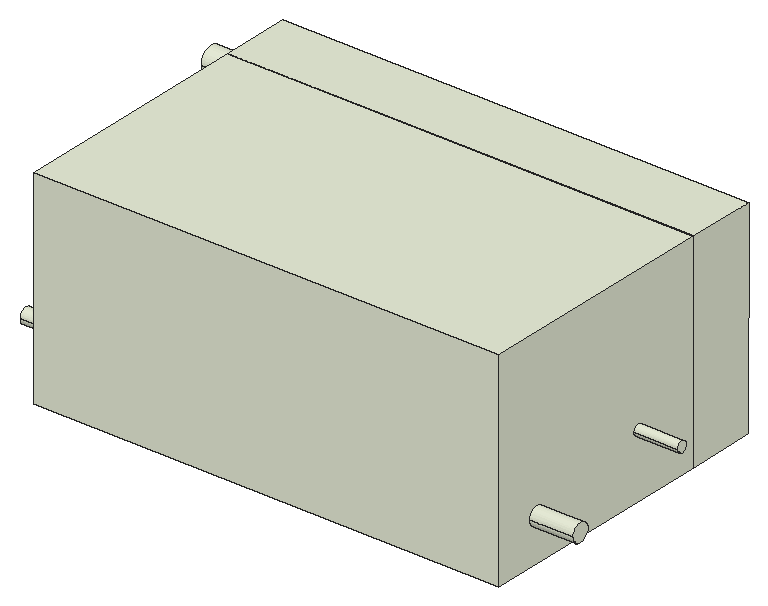
Revit family "Midea_VRF_MS01_E", category Mechanical Equipment, Revit 2013
Parameters (values of type "MS01/N1-D")
  clearance [instance] = no
  Width = 440.000 mm
  URL = ""
  Series = "MS box"
  Power supply = "220-240V 1N~50Hz/60Hz"
  Number of branches = 1
  Net Weight = 10.50 kg
  Model = "MS01/N1-D"
  Minimum Circuit Amps = 0.19 A
  Maximum Fuse Amps = 15 A
  Max. capacity index of connectable indoor units per branch = 32.000 kW
  Max. capacity index of connectable indoor units = 3.000 kW
  Max. No. of connectable indoor units per branch = 8
  Max. No. of connectable indoor units = 8
  Manufacturer = "Midea"
  Machine material = Galvanized Steel
  Low pressure gas pipe to ODU = "∅15.9/∅19.05/∅22.2"
  Liquid pipes to IDU = "∅6.35/∅9.52"
  Liquid pipe  to ODU = "∅9.52/∅12.7"
  Installation = "Indoor installation"
  High pressure gas pipe to ODU = "∅12.7/∅15.9/∅19.05"
  Height = 196.000 mm
  Heating Power Input = 57 W
  Gas pipes to IDU = "∅12.7/∅15.9"
  Gas = "R410A"
  Description = ""
  Depth = 295.000 mm
  Cooling Power Input = 57 W
  Condensation = ""
  Casing color = SB2014
Reference planes
  plane 1: z = 0
  plane 2 "中心(左/右)": x = 0
  plane 3: y = -374.3
  plane 4: x = -220
  plane 5: x = 220
  plane 6: y = -226.8
  plane 7: y = -521.8
  plane 8: z = 196
Forms (mm)
  Extrusion 1, solid, material "Galvanized Steel", detail levels medium+fine
    sketch origin (120, -1462, 378.197) x (0, -1, 0) y (1, 0, 0)
      loop
        line (-940.2, -340) -> (-940.2, 100) -> (-1170.2, 100) -> (-1170.2, -340) -> (-940.2, -340)
    from -378.197 to -182.197
  Extrusion 2, solid, material "Galvanized Steel", detail levels medium+fine
    sketch origin (120, -1277, 378.197) x (0, -1, 0) y (1, 0, 0)
      loop
        line (-985.2, -340) -> (-985.2, 100) -> (-1050.2, 100) -> (-1050.2, -340) -> (-985.2, -340)
    from -378.197 to -182.197
  Extrusion 3, solid, material "Galvanized Steel"
    sketch origin (1148, -1524, 0) x (0, 0, 1) y (0, -1, 0)
      loop
        circle (41.271, -1046.168) r 8.5
    from -928 to -886
  Extrusion 4, solid, material "Galvanized Steel"
    sketch origin (1148, -1404, 20) x (0, 0, 1) y (0, -1, 0)
      loop
        circle (41.271, -1046.168) r 5
    from -928 to -886
  Extrusion 5, solid, material "Galvanized Steel"
    sketch origin (-1148, -1524, 0) x (0, 0, 1) y (0, 1, 0)
      loop
        circle (41.271, 1046.168) r 7
    from -928 to -886
  Extrusion 6, solid, material "Galvanized Steel"
    sketch origin (-1148, -1404, 20) x (0, 0, 1) y (0, 1, 0)
      loop
        circle (41.271, 1046.168) r 5
    from -928 to -886
  Extrusion 7, solid, material "Galvanized Steel"
    sketch origin (-1148, -1469, 0) x (0, 0, 1) y (0, 1, 0)
      loop
        circle (41.271, 1046.168) r 8.5
    from -928 to -886
  Extrusion 8, solid, material "Galvanized Steel", detail levels fine
    sketch origin (497.6, 177, 0) x (0, -1, 0) y (0, 0, -1)
      loop
        circle (435.86, -162.02) r 12
    from -759.6 to -717.6
  Extrusion 9, solid, material "Galvanized Steel", detail levels fine
    sketch origin (497.6, 177, -45) x (0, -1, 0) y (0, 0, -1)
      loop
        circle (435.86, -162.02) r 12
    from -759.6 to -717.6
  Extrusion 10, solid, material "Galvanized Steel", detail levels fine
    sketch origin (497.6, 177, -90) x (0, -1, 0) y (0, 0, -1)
      loop
        circle (435.86, -162.02) r 12
    from -759.6 to -717.6
  Extrusion 11, solid, material "Galvanized Steel", detail levels fine
    sketch origin (497.6, 177, -135) x (0, -1, 0) y (0, 0, -1)
      loop
        circle (435.86, -162.02) r 12
    from -759.6 to -717.6
Lines and regions (mm)
  model lines, not visible
    curve 1: circle (177.54, 182, 460) r 280 normal (0, 1, 0)
    curve 2: circle (177.54, 182, 460) r 240 normal (0, 1, 0)
    curve 3: circle (177.54, 182, 460) r 200 normal (0, 1, 0)
    curve 4: circle (177.54, 182, 460) r 160 normal (0, 1, 0)
    curve 5: circle (177.54, 182, 460) r 120 normal (0, 1, 0)
    curve 6: circle (177.54, 182, 460) r 80 normal (0, 1, 0)
    curve 7: circle (177.54, 182, 460) r 40 normal (0, 1, 0)
    curve 8: arc (177.54, 182, 740) -> (273.688, 182, 600) -> (177.54, 182, 460) r 150
    curve 9: arc (177.54, 182, 460) -> (37.54, 182, 556.148) -> (-102.46, 182, 460) r 150
    curve 10: arc (177.54, 182, 460) -> (81.391, 182, 320) -> (177.54, 182, 180) r 150
    curve 11: arc (177.54, 182, 460) -> (317.54, 182, 363.852) -> (457.54, 182, 460) r 150
    curve 12: line (-151.4, 182, 818) -> (-151.4, 182, 178)
    curve 13: line (448.6, 182, 818) -> (448.6, 182, 178)
    curve 14: line (448.6, 182, 818) -> (-151.4, 182, 818)
    curve 15: line (448.6, 182, 178) -> (-151.4, 182, 178)
    curve 16: circle (148.6, 182, 498) r 280 normal (0, 1, 0)
    curve 17: circle (148.6, 182, 498) r 240 normal (0, 1, 0)
    curve 18: circle (148.6, 182, 498) r 200 normal (0, 1, 0)
    curve 19: circle (148.6, 182, 498) r 160 normal (0, 1, 0)
    curve 20: circle (148.6, 182, 498) r 120 normal (0, 1, 0)
    curve 21: circle (148.6, 182, 498) r 80 normal (0, 1, 0)
    curve 22: circle (148.6, 182, 498) r 40 normal (0, 1, 0)
    curve 23: arc (148.6, 182, 778) -> (244.748, 182, 638) -> (148.6, 182, 498) r 150
    curve 24: arc (148.6, 182, 498) -> (8.6, 182, 594.148) -> (-131.4, 182, 498) r 150
    curve 25: arc (148.6, 182, 498) -> (52.452, 182, 358) -> (148.6, 182, 218) r 150
    curve 26: arc (148.6, 182, 498) -> (288.6, 182, 401.852) -> (428.6, 182, 498) r 150
    curve 27: line (-327.463, 0, 542.426) -> (-398.173, 0, 613.137)
    curve 28: line (-341.605, 0, 528.284) -> (-412.315, 0, 598.995)
    curve 29: arc (-327.463, 0, 542.426) -> (-327.463, 0, 528.284) -> (-341.605, 0, 528.284) r 10
    curve 30: line (-327.463, 0, 602.426) -> (-398.173, 0, 673.137)
    curve 31: line (-341.605, 0, 588.284) -> (-412.315, 0, 658.995)
    curve 32: arc (-327.463, 0, 602.426) -> (-327.463, 0, 588.284) -> (-341.605, 0, 588.284) r 10
    curve 33: line (-327.463, 0, 662.426) -> (-398.173, 0, 733.137)
    curve 34: line (-341.605, 0, 648.284) -> (-412.315, 0, 718.995)
    curve 35: arc (-327.463, 0, 662.426) -> (-327.463, 0, 648.284) -> (-341.605, 0, 648.284) r 10
    curve 36: line (-412.315, 0, 733.137) -> (-468.884, 0, 789.706)
    curve 37: line (-468.884, 0, 789.706) -> (-468.884, 0, 964.3)
    curve 38: line (-327.463, 0, 528.284) -> (-302.714, 0, 503.536)
    curve 39: line (-302.714, 0, 503.536) -> (-302.714, 0, 31.9)
    curve 40: line (-327.463, 0, 542.426) -> (-398.173, 0, 613.137)
    curve 41: line (-341.605, 0, 528.284) -> (-412.315, 0, 598.995)
    curve 42: arc (-398.173, 0, 613.137) -> (-412.315, 0, 613.137) -> (-412.315, 0, 598.995) r 10
    curve 43: arc (-327.463, 0, 542.426) -> (-327.463, 0, 528.284) -> (-341.605, 0, 528.284) r 10
    curve 44: line (-327.463, 0, 602.426) -> (-398.173, 0, 673.137)
    curve 45: line (-341.605, 0, 588.284) -> (-412.315, 0, 658.995)
    curve 46: arc (-398.173, 0, 673.137) -> (-412.315, 0, 673.137) -> (-412.315, 0, 658.995) r 10
    curve 47: arc (-327.463, 0, 602.426) -> (-327.463, 0, 588.284) -> (-341.605, 0, 588.284) r 10
    curve 48: line (-327.463, 0, 662.426) -> (-398.173, 0, 733.137)
    curve 49: line (-341.605, 0, 648.284) -> (-412.315, 0, 718.995)
    curve 50: arc (-398.173, 0, 733.137) -> (-412.315, 0, 733.137) -> (-412.315, 0, 718.995) r 10
    curve 51: arc (-327.463, 0, 662.426) -> (-327.463, 0, 648.284) -> (-341.605, 0, 648.284) r 10
    curve 52: line (-412.315, 0, 733.137) -> (-468.884, 0, 789.706)
    curve 53: line (-468.884, 0, 789.706) -> (-468.884, 0, 964.3)
    curve 54: line (-327.463, 0, 528.284) -> (-302.714, 0, 503.536)
    curve 55: line (-302.714, 0, 503.536) -> (-302.714, 0, 31.9)
  model lines
    curve 56: line (-220, -521.8, 196) -> (220, -521.8, 196)
    curve 57: line (-220, -291.8, 196) -> (-220, -521.8, 196)
    curve 58: line (-220, -291.8, 196) -> (220, -291.8, 196)
    curve 59: line (220, -521.8, 196) -> (220, -291.8, 196)
    curve 60: line (-220, -521.8, 0) -> (220, -521.8, 0)
    curve 61: line (-220, -291.8, 0) -> (220, -291.8, 0)
    curve 62: line (220, -521.8, 0) -> (220, -291.8, 0)
    curve 63: line (-220, -291.8, 0) -> (-220, -521.8, 0)
Dimensions and locks
  aligned and locked: level to plane 1
Nested families
  nested 1: "Beautiful-Dao-Lagou-White" at (220, -359.129, 138) x (0, 1, 0) z (0, 0, 1), type "Dao-Lagou", not visible, detail levels fine
  nested 2: "Beautiful-Dao-Lagou-White" at (220, -497.107, 138) x (0, 1, 0) z (0, 0, 1), type "Dao-Lagou", not visible, detail levels fine
  nested 3: "Beautiful-Dao-Lagou-White" at (-220, -497.107, 138) x (0, 1, 0) z (0, 0, 1), type "Dao-Lagou", not visible, detail levels fine
  nested 4: "Beautiful-Dao-Lagou-White" at (-220, -359.129, 138) x (0, 1, 0) z (0, 0, 1), type "Dao-Lagou", not visible, detail levels fine
  nested 5: "Midea service space" at (-220, -226.8, 0), Height <- "Height", visible <- "clearance", type "Midea Service  Space"
    with Width 440.000 mm, Height 196.000 mm, Depth 400.000 mm
  nested 6: "Midea service space" at (-220, -1221.8, 0), Height <- "Height", visible <- "clearance", type "Midea Service  Space"
    with Width 440.000 mm, Height 196.000 mm, Depth 700.000 mm
  nested 7: "Midea service space" at (220, -521.8, 0), Height <- "Height", visible <- "clearance", type "Midea Service  Space"
    with Width 400.000 mm, Height 196.000 mm, Depth 295.000 mm
  nested 8: "Midea service space" at (-720, -521.8, 0), Height <- "Height", visible <- "clearance", type "Midea Service  Space"
    with Width 500.000 mm, Height 196.000 mm, Depth 295.000 mm
Connectors
  electrical at (220, -259.3, 98)
    settings: on Extrusion 2, index 1, voltage 220 V, apparent load 0 VA, apparent load phase1 0 VA, apparent load phase2 0 VA, apparent load phase3 0 VA, power factor 1, load classification "Other", number of poles 1, system type 30, power factor state 1, is connector primary yes, connector utility no, sub classification motor no, connector description ""
  piping at (262, -357.832, 61.271)
    settings: on Extrusion 4, index 2, connector radius 3.175 mm, flow factor 0, pipe flow 0.0 L/s, pressure drop 0.0 Pa, fitting loss kfactor 0, connector angle 0.00°, fixture units 0, engagement length 0.000 mm, flow configuration 0, flow direction 0, fitting loss method 0, system type 19, joint type 0, gender type 0, connector reference index -1, connector utility 0, adjustable connector no, is connector primary yes, fitting loss table "", connector description "Liquid pipes to IDU"
  piping at (262, -477.832, 41.271)
    settings: on Extrusion 3, index 3, connector radius 6.35 mm, flow factor 0, pipe flow 0.0 L/s, pressure drop 0.0 Pa, fitting loss kfactor 0, connector angle 0.00°, fixture units 0, engagement length 0.000 mm, flow configuration 0, flow direction 0, fitting loss method 0, system type 19, joint type 0, gender type 0, connector reference index -1, connector utility 0, adjustable connector no, is connector primary no, fitting loss table "", connector description "Gas pipes to IDU"
  piping at (-262, -357.832, 61.271)
    settings: on Extrusion 6, index 4, connector radius 4.76 mm, flow factor 0, pipe flow 0.0 L/s, pressure drop 0.0 Pa, fitting loss kfactor 0, connector angle 0.00°, fixture units 0, engagement length 0.000 mm, flow configuration 0, flow direction 0, fitting loss method 0, system type 19, joint type 0, gender type 0, connector reference index -1, connector utility 0, adjustable connector no, is connector primary no, fitting loss table "", connector description "Liquid pipe  to ODU"
  piping at (-262, -422.832, 41.271)
    settings: on Extrusion 7, index 5, connector radius 7.95 mm, flow factor 0, pipe flow 0.0 L/s, pressure drop 0.0 Pa, fitting loss kfactor 0, connector angle 0.00°, fixture units 0, engagement length 0.000 mm, flow configuration 0, flow direction 0, fitting loss method 0, system type 19, joint type 0, gender type 0, connector reference index -1, connector utility 0, adjustable connector no, is connector primary no, fitting loss table "", connector description "Low pressure gas pipe to ODU"
  piping at (-262, -477.832, 41.271)
    settings: on Extrusion 5, index 6, connector radius 6.35 mm, flow factor 0, pipe flow 0.0 L/s, pressure drop 0.0 Pa, fitting loss kfactor 0, connector angle 0.00°, fixture units 0, engagement length 0.000 mm, flow configuration 0, flow direction 0, fitting loss method 0, system type 19, joint type 0, gender type 0, connector reference index -1, connector utility 0, adjustable connector no, is connector primary no, fitting loss table "", connector description "High pressure gas pipe to ODU"
Definition of nested family "Beautiful-Dao-Lagou-White"
  Parameters (values of type "Dao-Lagou")
    Machine material = Midea White
  Reference planes
    plane 1 "Center (Front/Back)": y = 0
    plane 2: z = 0
    plane 3 "Center (Left/Right)": x = 0
  Forms (mm)
    Extrusion 1, solid, material "Midea White" <- "Machine material"
      sketch origin (0, 0, 18) x (0, 1, 0) y (0, 0, 1)
        loop
          line (0, -18) -> (0, 40) -> (-42, 40) -> (-42, 35) -> (-40, 35) -> (-40, 38) -> (-2, 38) -> (-2, -18) -> (0, -18)
      from 0 to 40
    Extrusion 2, void
      sketch origin (0, 0, 0) x (1, 0, 0) y (0, 1, 0)
        loop
          line (14, -30) -> (14, -42) -> (26, -42) -> (26, -30) -> (26, -12)
          arc (26, -12) -> (20, -6) -> (14, -12) r 6
          line (14, -12) -> (14, -30)
      from 53 to 58
  Cuts and joins
    Extrusion 2 cuts Extrusion 1
  Dimensions and locks
    aligned and locked: level to plane 2
Definition of nested family "Midea service space"
  Parameters (values of type "Midea Service  Space")
    Width [instance] = 500.000 mm
    Height [instance] = 500.000 mm
    Depth [instance] = 500.000 mm
  Reference planes
    plane 1 "Center (Front/Back)": y = 0
    plane 2: z = 0
    plane 3 "Center (Left/Right)": x = 0
    plane 4: z = 500
    plane 5: y = 500
    plane 6: x = 500
  Forms (mm)
    Extrusion 1, solid, material "Midea Service Space-HDY"
      sketch origin (0, 0, 0) x (1, 0, 0) y (0, 1, 0)
        loop
          line (0, 500) -> (0, 0) -> (500, 0) -> (500, 500) -> (0, 500)
      from 0 to 500
  Dimensions and locks
    "Width": plane 3 "Center (Left/Right)" to plane 6
    "Depth": plane 5 to plane 1 "Center (Front/Back)"
    "Height": level to plane 4
    aligned and locked: level to plane 2
    aligned and locked: plane 5 to Extrusion 1
    aligned and locked: Extrusion 1 to plane 6
    aligned and locked: Extrusion 1 to plane 3 "Center (Left/Right)"
    aligned and locked: plane 1 "Center (Front/Back)" to Extrusion 1
    aligned and locked: Extrusion 1 to plane 4
  Automatic sketch dimensions
    Extrusion 1 sketch curve to plane 3 "Center (Left/Right)" = 0.000 mm
    plane 1 "Center (Front/Back)" to Extrusion 1 sketch curve = 0.000 mm
    Extrusion 1 sketch curve to plane 6 = 0.000 mm
    Extrusion 1 sketch curve to plane 5 = 0.000 mm
